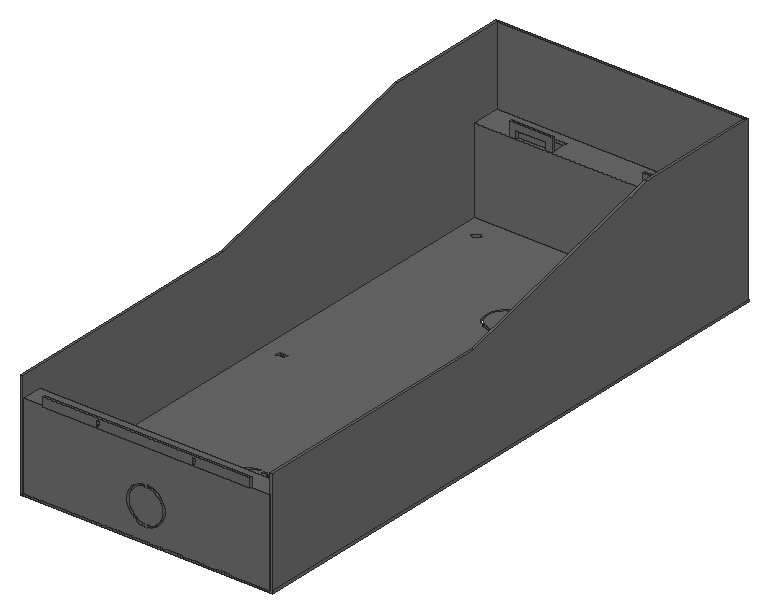
Revit family "BR-AA12", category Устройства связи, Revit 2022
Family settings
  Размер круглого соединителя = Использовать диаметр
  Тип детали = Нормальный
  На основе рабочей плоскости = Да
  Всегда вертикально = Нет
  При загрузке вырезать с полостями = Нет
  Сохранять ориентацию аннотаций = Нет
  Общий = Да
  Точка принадлежности помещению = Нет
Parameters (values of type "BR-AA12")
  Цветовое решение = "Gold, Silver, Black"
  Размеры = "164кх387х107 мм"
  Default Elevation = 0 mm
  Описание = "Кронштейн с козырьком для накладного монтажа для многоквартирных панелей AА-12B"
  Материал корпуса = Материал черный
  Корпус = "Металлический"
  Изображение типоразмера = <Нет>
  Изготовитель = "BAS-IP"
  Группа модели = "Кронштейн для накладного монтажа с козырьком BR-AA12"
  URL = "https://www.bas-ip.ru"
  Email разработчика семейства = "lytvynchukartur@gmail.com"
  BIM library = "https://bimlib.ru/manufacturer/"
  ADSK_Размер_Ширина = 164 mm
  ADSK_Размер_Толщина = 107 mm
  ADSK_Размер_Длина = 387 mm
  ADSK_Примечание = ""
  ADSK_Позиция = ""
  ADSK_Обозначение = ""
  ADSK_Наименование краткое = "BR-AA12"
  ADSK_Наименование = "Кронштейн для накладного монтажа с козырьком BR-AA12"
  ADSK_Масса_Текст = ""
  ADSK_Марка = "BR-AA12"
  ADSK_Код изделия = ""
  ADSK_Зона = ""
  ADSK_Завод-изготовитель = "BAS-IP"
  ADSK_Единица измерения = "шт"
  ADSK_Версия Revit = "Revit 2020"  # constant formula
  ADSK_URL страницы изделия = "https://www.bas-ip.ru/catalog/accessories/br-aa12/"
  ADSK_URL документации изделия = "-"
Reference planes
  plane 1 "По центру (Вперед/Назад)": y = 0
  plane 2: z = 0
  plane 3 "По центру (Влево/Вправо)": x = 0
Forms (mm)
  Extrusion 1, solid, material "Материал черный" <- "Материал корпуса"
    sketch origin (532.897, 64.335, -2.742) x (1, 0, 0) y (0, 1, 0)
      loop
        line (-614.897, 129.165) -> (-614.897, -257.835) -> (-450.897, -257.835) -> (-450.897, 129.165) -> (-614.897, 129.165)
      loop
        line (-597.397, -65.335) -> (-597.397, -62.335) -> (-602.397, -62.335) -> (-602.397, -65.335) -> (-597.397, -65.335)
      loop
        line (-597.062, 94.865) -> (-599.183, 96.986) -> (-602.719, 93.45) -> (-600.597, 91.329) -> (-597.062, 94.865)
      loop
        line (-597.062, -223.535) -> (-600.597, -220) -> (-602.719, -222.121) -> (-599.183, -225.657) -> (-597.062, -223.535)
      loop
        line (-464.397, -66.335) -> (-464.397, -61.335) -> (-467.397, -61.335) -> (-467.397, -66.335) -> (-464.397, -66.335)
      loop
        line (-468.733, 94.865) -> (-465.197, 91.329) -> (-463.076, 93.45) -> (-466.611, 96.986) -> (-468.733, 94.865)
      loop
        line (-468.733, -223.535) -> (-466.611, -225.657) -> (-463.076, -222.121) -> (-465.197, -220) -> (-468.733, -223.535)
      loop
        arc (-531.897, 21.705) -> (-520.397, 34.165) -> (-531.897, 46.625) r 12.5
        line (-531.897, 46.625) -> (-531.897, 45.119)
        arc (-531.897, 45.119) -> (-521.897, 34.165) -> (-531.897, 23.21) r 11
        line (-531.897, 23.21) -> (-531.897, 21.705)
      loop
        arc (-533.897, 46.625) -> (-545.397, 34.165) -> (-533.897, 21.705) r 12.5
        line (-533.897, 21.705) -> (-533.897, 23.21)
        arc (-533.897, 23.21) -> (-543.897, 34.165) -> (-533.897, 45.119) r 11
        line (-533.897, 45.119) -> (-533.897, 46.625)
      loop
        arc (-531.897, -188.295) -> (-520.397, -175.835) -> (-531.897, -163.375) r 12.5
        line (-531.897, -163.375) -> (-531.897, -164.881)
        arc (-531.897, -164.881) -> (-521.897, -175.835) -> (-531.897, -186.79) r 11
        line (-531.897, -186.79) -> (-531.897, -188.295)
      loop
        arc (-533.897, -163.375) -> (-545.397, -175.835) -> (-533.897, -188.295) r 12.5
        line (-533.897, -188.295) -> (-533.897, -186.79)
        arc (-533.897, -186.79) -> (-543.897, -175.835) -> (-533.897, -164.881) r 11
        line (-533.897, -164.881) -> (-533.897, -163.375)
    from 2.742 to 4.2
  Extrusion 2, solid, material "Материал черный" <- "Материал корпуса"
    sketch origin (10, -10, 0) x (0, 1, 0) y (0, 0, 1)
      loop
        line (203.5, 0) -> (203.5, 107) -> (121.5, 107) -> (-19.5, 70) -> (-183.5, 70) -> (-183.5, 0) -> (203.5, 0)
    from -92 to -90.5
  Extrusion 3, solid, material "Материал черный" <- "Материал корпуса"
    sketch origin (10, -10, 0) x (1, 0, 0) y (0, 0, 1)
      loop
        line (-90.5, 0) -> (70.5, 0) -> (70.5, 107) -> (-90.5, 107) -> (-90.5, 0)
    from -203.5 to -202
  Extrusion 4, solid, material "Материал черный" <- "Материал корпуса"
    sketch origin (26.697, -10, 0) x (0, 1, 0) y (0, 0, 1)
      loop
        line (183.5, 56.5) -> (183.5, 1.458) -> (185, 1.458) -> (185, 55) -> (202, 55) -> (202, 56.5) -> (183.5, 56.5)
    from -107.197 to 53.803
  Extrusion 5, void
    sketch origin (0, -10, 0) x (1, 0, 0) y (0, 1, 0)
      loop
        line (-57, 195.5) -> (-57, 185) -> (-29.5, 185) -> (-29.5, 195.5) -> (-57, 195.5)
    from 52.441 to 59.255
  Extrusion 6, void
    sketch origin (0, -10, 0) x (-1, 0, 0) y (0, -1, 0)
      loop
        line (-57, -195.5) -> (-29.5, -195.5) -> (-29.5, -185) -> (-57, -185) -> (-57, -195.5)
    from 52.441 to 58.638
  Extrusion 7, solid, material "Материал черный" <- "Материал корпуса"
    sketch origin (0, -10, 0) x (1, 0, 0) y (0, 0, 1)
      loop
        line (57, 56.5) -> (57, 65.5) -> (29.5, 65.5) -> (29.5, 56.5) -> (33.5, 56.5) -> (33.5, 61.5) -> (53, 61.5) -> (53, 56.5) -> (57, 56.5)
    from -185 to -183.5
  Extrusion 8, solid, material "Материал черный" <- "Материал корпуса"
    sketch origin (0, -10, 0) x (-1, 0, 0) y (0, 0, -1)
      loop
        line (57, -56.5) -> (53, -56.5) -> (53, -61.5) -> (33.5, -61.5) -> (33.5, -56.5) -> (29.5, -56.5) -> (29.5, -65.5) -> (57, -65.5) -> (57, -56.5)
    from -185 to -183.5
  Extrusion 9, solid, material "Материал черный" <- "Материал корпуса"
    sketch origin (26.697, 265.76, 0) x (0, -1, 0) y (0, 0, -1)
      loop
        line (446.26, -57) -> (459.26, -57) -> (459.26, -1.458) -> (457.76, -1.458) -> (457.76, -55.5) -> (447.76, -55.5) -> (447.76, -1.458) -> (446.26, -1.458) -> (446.26, -57)
    from -107.197 to 53.803
  Extrusion 10, solid, material "Материал черный" <- "Материал корпуса"
    sketch origin (10, -395.5, 0) x (1, 0, 0) y (0, 0, 1)
      loop
        line (-77.5, 56.5) -> (57.5, 56.5) -> (57.5, 62.5) -> (-77.5, 62.5) -> (-77.5, 56.5)
      loop
        line (-42, 60.5) -> (-42, 58.5)
        arc (-42, 58.5) -> (-41, 57.5) -> (-40, 58.5) r 1
        line (-40, 58.5) -> (-40, 60.5)
        arc (-40, 60.5) -> (-41, 61.5) -> (-42, 60.5) r 1
      loop
        arc (22, 60.5) -> (21, 61.5) -> (20, 60.5) r 1
        line (20, 60.5) -> (20, 58.5)
        arc (20, 58.5) -> (21, 57.5) -> (22, 58.5) r 1
        line (22, 58.5) -> (22, 60.5)
    from -203.5 to -202
  Extrusion 11, void
    sketch origin (19.682, -400.5, -25.141) x (1, 0, 0) y (0, 0, 1)
      loop
        circle (-19.682, 47.641) r 12.5
    from -221.846 to -216.207
  Extrusion 12, void
    sketch origin (19.682, -417.562, -25.141) x (1, 0, 0) y (0, 0, 1)
      loop
        arc (-18.682, 35.181) -> (-7.182, 47.641) -> (-18.682, 60.101) r 12.5
        line (-18.682, 60.101) -> (-18.682, 58.596)
        arc (-18.682, 58.596) -> (-8.682, 47.641) -> (-18.682, 36.687) r 11
        line (-18.682, 36.687) -> (-18.682, 35.181)
      loop
        arc (-20.682, 60.101) -> (-32.182, 47.641) -> (-20.682, 35.181) r 12.5
        line (-20.682, 35.181) -> (-20.682, 36.687)
        arc (-20.682, 36.687) -> (-30.682, 47.641) -> (-20.682, 58.596) r 11
        line (-20.682, 58.596) -> (-20.682, 60.101)
    from -227.219 to -222.544
  Extrusion 13, solid, material "Материал черный" <- "Материал корпуса"
    sketch origin (172.5, -10, 0) x (0, 1, 0) y (0, 0, 1)
      loop
        line (203.5, 0) -> (203.5, 107) -> (121.5, 107) -> (-19.5, 70) -> (-183.5, 70) -> (-183.5, 0) -> (203.5, 0)
    from -92 to -90.5
Cuts and joins
  Extrusion 5, Extrusion 6 cuts Extrusion 4
  Extrusion 5 cuts Extrusion 8
  Extrusion 6 cuts Extrusion 7
  Extrusion 11, Extrusion 12 cuts Extrusion 9
Dimensions and locks
  aligned and locked: level to plane 2
